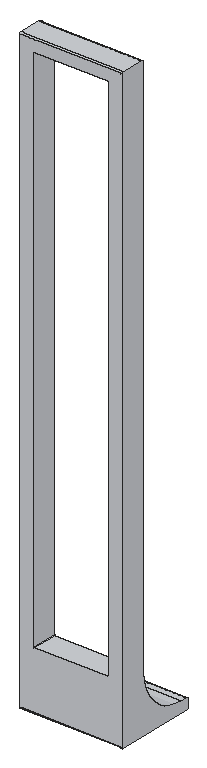
Revit family "Accessory-Towel_Arm-KOHLER-Loure-K-11586T_1", category Specialty Equipment, host Face, Revit 2021
Family settings
  Host = Face
  Round Connector Dimension = Use Diameter
  Part Type = Normal
  OmniClass Number = 23.31.25.25
  OmniClass Title = Towel Bars
  Cut with Voids When Loaded = No
  Shared = No
  Room Calculation Point = No
Parameters (values of type "CP-Polished Chrome")
  Width = 17.87402"  # constant formula
  WaterSense Certified = 1 = 0  # no
  URL = "http://www.kohler.com.cn/"
  Type = 3
  Product Page URL = "https://www.kohler.com.cn/product/K-11586T-CP/K-11586T-CP/"
  Product Name = "Loure"  # constant formula
  Product Documentation Link = "https://files.kohler.com.cn/pdfs/loure_acc_ins.pdf"
  Model = if(Type = 1, "K-11586T-BL", if(Type = 2, "K-11586T-BV", if(Type = 3, "K-11586T-CP", "NA")))  # "K-11586T-CP"
  Material = "Premium Metal Construction"  # constant formula
  Master Format 2014 Name = "Toilet, Bath, and Laundry Accessories"  # constant formula
  Master Format 2014 = "10 28 00"  # constant formula
  Manufacturer Address = "Kohler Beijing Office (100016) 36-2-03-B, No. 88, Liuxiang Road, Beijing"  # constant formula
  Manufacturer = "Kohler Co."  # constant formula
  Length = 3.0315"  # constant formula
  Height = 2.40157"  # constant formula
  Finish = Kohler-Metal-CP-Polished_Chrome
  Environmental Product Declaration = ""
  Description = "Double Layer Towel Arm"  # constant formula
  Default Elevation = 42"
  Declare Label = ""
  Date Modified = "10/21/2022"  # constant formula
  Date Created = "07/06/2020"  # constant formula
  Copyright = "Copyright Kohler Co."  # constant formula
  Contact Us = "http://www.kohler.com.cn/contact/contact-us/"
  Assembly Code = "C1030200"
  ADA Compliant = 1 = 0  # no
Types (4): name | Type | Product Page URL | Model | Finish
  (no name) | 3 | "https://www.kohler.com.cn/product/K-11586T-CP/K-11586T-CP/" | "K-11586T-CP" | Kohler-Metal-CP-Polished_Chrome
  CP-Polished Chrome | 3 | "https://www.kohler.com.cn/product/K-11586T-CP/K-11586T-CP/" | "K-11586T-CP" | Kohler-Metal-CP-Polished_Chrome
  BV-Brushed Bronze | 2 | "" | "K-11586T-BV" | Kohler-Metal-BV-Brushed_Bronze
  BL-Matte Black | 1 | "" | "K-11586T-BL" | Kohler-Metal-BL-Matte_Black
Reference planes (in)
  plane 1 "Center (Front/Back)": y = 0
  plane 2: z = 0
  plane 3 "Center (Left/Right)": x = 0
  plane 4: y = 2.40157
  plane 5: y = 0.75319
  plane 6: x = -1.51575
  plane 7: x = 1.51575
  plane 8: z = 17.87402
  plane 9: z = 17.49803
  plane 10: z = 1.74396
  plane 11: z = 0.31496
  plane 12: y = 1.20079
Dimensions and locks (in)
  "Height": plane 1 "Center (Front/Back)" to plane 4
  "Length": plane 6 to plane 7
  "Width": plane 8 to level
  locked: plane 1 "Center (Front/Back)" to plane 12 at 1.20079
  aligned and locked: plane 2 to host face
  aligned and locked: level to host face
Automatic sketch dimensions
  host sketch curve to host sketch curve = 96"  (x2)
Nested families (in)
  nested 1: "K-11586T" at (0, 0, 0), type "K-11586T"
Definition of nested family "K-11586T"
  Parameters (values of type "K-11586T")
    Material = none
    Default Elevation = 0"
  Reference planes (in)
    plane 1 "Center (Front/Back)": y = 0
    plane 2: z = 0
    plane 3 "Center (Left/Right)": x = 0
    plane 4: y = 2.40157
    plane 5: z = 17.87402
    plane 6: x = -1.51575
    plane 7: x = 1.51575
    plane 8: y = 0.75319
    plane 9: z = 0.31496
    plane 10: z = 17.49803
    plane 11: z = 1.74396
  Forms (in)
    Extrusion 1, solid, material <- "Material", detail levels medium+fine
      sketch origin (0, 0, 0) x (0, 1, 0) y (0, 0, 1)
        loop
          arc (0, 0.03937) -> (0.01153, 0.01153) -> (0.03937, 0) r 0.03937
          line (0.03937, 0) -> (2.3622, 0)
          arc (2.3622, 0) -> (2.39004, 0.01153) -> (2.40157, 0.03937) r 0.03937
          line (2.40157, 0.03937) -> (2.40157, 0.27559)
          arc (2.40157, 0.27559) -> (2.39004, 0.30343) -> (2.3622, 0.31496) r 0.03937
          line (2.3622, 0.31496) -> (2.1822, 0.31496)
          arc (2.1822, 0.31496) -> (1.17174, 0.73351) -> (0.75319, 1.74396) r 1.429
          line (0.75319, 1.74396) -> (0.75319, 17.83465)
          arc (0.75319, 17.83465) -> (0.74166, 17.86248) -> (0.71382, 17.87402) r 0.03937
          line (0.71382, 17.87402) -> (0.03937, 17.87402)
          arc (0.03937, 17.87402) -> (0.01153, 17.86248) -> (0, 17.83465) r 0.03937
          line (0, 17.83465) -> (0, 0.03937)
      from -1.51575 to 1.51575
    Extrusion 2, void
      sketch origin (0, 0, 0) x (1, 0, 0) y (0, 0, 1)
        loop
          arc (-1.09843, 17.49803) -> (-1.11234, 17.49227) -> (-1.11811, 17.47835) r 0.01969
          line (-1.11811, 17.47835) -> (-1.11811, 1.76969)
          arc (-1.11811, 1.76969) -> (-1.11234, 1.75577) -> (-1.09843, 1.75) r 0.01969
          line (-1.09843, 1.75) -> (1.09843, 1.75)
          arc (1.09843, 1.75) -> (1.11234, 1.75577) -> (1.11811, 1.76969) r 0.01969
          line (1.11811, 1.76969) -> (1.11811, 17.47835)
          arc (1.11811, 17.47835) -> (1.11234, 17.49227) -> (1.09843, 17.49803) r 0.01969
          line (1.09843, 17.49803) -> (-1.09843, 17.49803)
      from -2.40157 to 1.64285
    Extrusion 3, solid, material <- "Material", detail levels coarse
      sketch origin (0, 0, 0) x (0, 1, 0) y (0, 0, 1)
        loop
          line (0, 0) -> (2.40157, 0) -> (2.40157, 0.31496) -> (0.75319, 0.31496) -> (0.75319, 17.87402) -> (0, 17.87402) -> (0, 0)
      from -1.51575 to 1.51575
    Extrusion 4, void
      sketch origin (0, 0, 0) x (1, 0, 0) y (0, 0, 1)
        loop
          line (-1.11811, 17.49803) -> (-1.11811, 1.75) -> (1.11811, 1.75) -> (1.11811, 17.49803) -> (-1.11811, 17.49803)
      from -3.33489 to 2.55788
  Cuts and joins
    Extrusion 2 cuts Extrusion 1
    Extrusion 4 cuts Extrusion 3
  Lines and regions (in)
    Masking region 1
      outline origin (0, 0, 0) x (1, 0, 0) y (0, 0, 1)
        loop
          line (-1.51575, 17.83465) -> (-1.51575, 0.31496) -> (-1.51575, 0) -> (1.51575, 0) -> (1.51575, 0.31496) -> (1.51575, 17.81496)
          arc (1.51575, 17.81496) -> (1.49845, 17.85672) -> (1.45669, 17.87402) r 0.05906
          line (1.45669, 17.87402) -> (-1.47638, 17.87402)
          arc (-1.47638, 17.87402) -> (-1.50422, 17.86248) -> (-1.51575, 17.83465) r 0.03937
        loop
          arc (-1.09843, 17.49803) -> (-1.11234, 17.49227) -> (-1.11811, 17.47835) r 0.01969
          line (-1.11811, 17.47835) -> (-1.11811, 1.76365)
          arc (-1.11811, 1.76365) -> (-1.11234, 1.74973) -> (-1.09843, 1.74396) r 0.01969
          line (-1.09843, 1.74396) -> (1.09843, 1.74396)
          arc (1.09843, 1.74396) -> (1.11234, 1.74973) -> (1.11811, 1.76365) r 0.01969
          line (1.11811, 1.76365) -> (1.11811, 17.47835)
          arc (1.11811, 17.47835) -> (1.11234, 17.49227) -> (1.09843, 17.49803) r 0.01969
          line (1.09843, 17.49803) -> (-1.09843, 17.49803)
    Masking region 2
      outline origin (0, 0, 0) x (0, 1, 0) y (0, 0, 1)
        loop
          line (0.03984, 0) -> (2.36252, 0)
          arc (2.36252, 0) -> (2.39013, 0.01144) -> (2.40157, 0.03906) r 0.03906
          line (2.40157, 0.03906) -> (2.40157, 0.27559)
          arc (2.40157, 0.27559) -> (2.39004, 0.30343) -> (2.3622, 0.31496) r 0.03937
          line (2.3622, 0.31496) -> (2.18346, 0.31496)
          arc (2.18346, 0.31496) -> (1.17211, 0.73388) -> (0.75319, 1.74522) r 1.43026
          line (0.75319, 1.74522) -> (0.75319, 17.83469)
          arc (0.75319, 17.83469) -> (0.74168, 17.8625) -> (0.71387, 17.87402) r 0.03932
          line (0.71387, 17.87402) -> (0.04107, 17.87402)
          arc (0.04107, 17.87402) -> (0.01203, 17.86199) -> (0, 17.83295) r 0.04107
          line (0, 17.83295) -> (0, 0.03984)
          arc (0, 0.03984) -> (0.01167, 0.01167) -> (0.03984, 0) r 0.03984
    Masking region 3
      outline origin (0, 0, 0) x (1, 0, 0) y (0, 1, 0)
        loop
          arc (-1.45669, 2.40157) -> (-1.49845, 2.38428) -> (-1.51575, 2.34252) r 0.05906
          line (-1.51575, 2.34252) -> (-1.51575, 0.01969)
          arc (-1.51575, 0.01969) -> (-1.50998, 0.00577) -> (-1.49606, 0) r 0.01969
          line (-1.49606, 0) -> (1.49606, 0)
          arc (1.49606, 0) -> (1.50998, 0.00577) -> (1.51575, 0.01969) r 0.01969
          line (1.51575, 0.01969) -> (1.51575, 2.34252)
          arc (1.51575, 2.34252) -> (1.49845, 2.38428) -> (1.45669, 2.40157) r 0.05906
          line (1.45669, 2.40157) -> (-1.45669, 2.40157)
    symbolic lines, detail levels medium+fine
      curve 1: line (-1.51575, 0, 0.31496) -> (1.51575, 0, 0.31496)
      curve 2: line (0, 0.75319, 1.74396) -> (0, 0, 1.74396)
      curve 3: line (-1.49606, 0.75319, 0) -> (1.49606, 0.75319, 0)
      curve 4: line (0, 0, 17.49803) -> (0, 0.75319, 17.49803)
      curve 5: line (-1.06443, 0, 17.49803) -> (-1.51575, 0, 17.49803)
      curve 6: line (1.09843, 0, 17.49803) -> (1.51575, 0, 17.49803)
      curve 7: line (-1.09843, 0, 1.74396) -> (-1.51575, 0, 1.74396)
      curve 8: line (1.09843, 0, 1.74396) -> (1.51575, 0, 1.74396)
      curve 9: arc (-1.49606, 0.75319, 0) -> (-1.50998, 0.74743, 0) -> (-1.51575, 0.73351, 0) r 0.01969
      curve 10: arc (1.49606, 0.75319, 0) -> (1.50998, 0.74743, 0) -> (1.51575, 0.73351, 0) r 0.01969
  Dimensions and locks (in)
    plane 5 to level = 17.87402"
    plane 7 to plane 6 = 3.0315"
    plane 4 to plane 1 "Center (Front/Back)" = 2.40157"
    plane 1 "Center (Front/Back)" to plane 4 = 2.40157"
    level to plane 5 = 17.87402"
    plane 6 to plane 7 = 3.0315"
    aligned and locked: plane 2 to level
